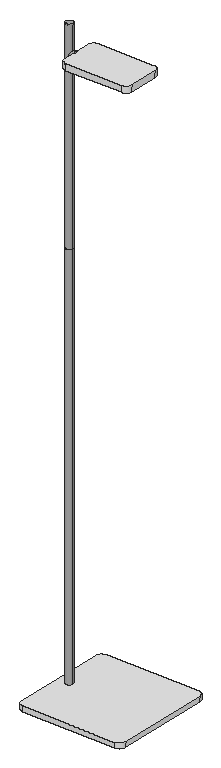
Revit family "Haworth_Talia_Light_BUILD Luqman", category Lighting Fixtures, Revit 2015
Parameters (values of type "Floor Light")
  Wattage Comments = "5.1W 120V 60Hz"  # constant formula
  Wattage = 6.86275 W
  Warranty = ""
  built-in parameter 1150110 = 1 (stored number, unit not read)
  Rod Void Offset = 29.80"  # constant formula
  URL - Product = ""
  URL = "http://www.haworth.com/our-brands/haworth-collection"
  built-in parameter 1114217 = 1 (stored number, unit not read)
  Tilt Angle = 90.00°
  built-in parameter 1150109 = 1 (stored number, unit not read)
  built-in parameter 1150134 = (empty or 0)
  built-in parameter 1150113 = 1 (stored number, unit not read)
  Size = "Verify Final Dim. w/ Haworth"  # constant formula
  Revision Number = "1"  # constant formula
  Post Finish [instance] = Haworth _ Metal _ Chrome
  Photometric Web File = "generic"
  built-in parameter 1150142 = (empty or 0)
  Model = ""
  built-in parameter 1150105 = 27.852 (stored number, unit not read)
  Lumens = 350 lm
  built-in parameter 1150115 = 1 (stored number, unit not read)
  built-in parameter 1150137 = (empty or 0)
  built-in parameter 1150139 = (empty or 0)
  built-in parameter 1150112 = 1 (stored number, unit not read)
  Lamp Shade Finish [instance] = Haworth _ Polymer _ White
  built-in parameter 1150114 = 1 (stored number, unit not read)
  built-in parameter 1150132 = 2
  built-in parameter 1150102 = (empty or 0)
  built-in parameter 1150107 = 3000 (stored number, unit not read)
  built-in parameter 1150138 = (empty or 0)
  built-in parameter 1150106 = 0.27852 (stored number, unit not read)
  Manufacturer = "Haworth"  # constant formula
  Glass Finish = Haworth _ Glass _ Frosted
  Floor Lamp = not(Desk Lamp)  # yes
  built-in parameter 1150129 = 12.00"  # constant formula
  Emit Shape Visible in Rendering = no
  built-in parameter 1150104 = 4.7381 (stored number, unit not read)
  Dimming Lamp Color Temperature Shift = <None>
  Desk Lamp = no
  Description = "Haworth - Talia - Floor Light"
  Color Filter = 16777215
  Base Thickness = if(Floor Lamp, 0.35", 0.70")  # 0.35"
  Base Offset [instance] = 0.00"
  Base Finish [instance] = Haworth _ Polymer _ White
  Emit from Circle Diameter = 12.00"
  Author = "Haworth (Alias)"  # constant formula
  built-in parameter 1150133 = 10 (stored number, unit not read)
  Assembly Code = "D5020200"
  Actual Width = if(Floor Lamp, 7.87", 3.89")  # 7.87"
  Actual Height = if(Floor Lamp, 45.00", 15.57")  # 45.00"
  Actual Depth = if(Floor Lamp, 7.87", 6.42")  # 7.87"
Types (2): name | Floor Lamp | Desk Lamp | Description | Base Thickness | Base Offset | Actual Width | Actual Height | Actual Depth
  Floor Light | yes | no | "Haworth - Talia - Floor Light" | 0.35" | 0.00" | 7.87" | 45.00" | 7.87"
  Table Light | no | yes | "Haworth - Talia - Table Light" | 0.70" | 29.00" | 3.89" | 15.57" | 6.42"
Reference planes (in)
  plane 1 "Center F/B": y = 8.82887
  plane 2 "Base": z = 0
  plane 3 "Center L/R": x = 1.15861
  plane 4 "Lamp Height": z = 45
  plane 5 "Base Middle": z = 0.35
  plane 6 "Middle Rod": z = 29.8
  plane 7 "Light Source": z = 42.72339
  plane 8 "Front": x = 5.09361
  plane 9 "Back": x = -2.77639
  plane 10 "Left": y = 4.89387
  plane 11 "Right": y = 12.76387
  plane 12 "Back Lamp": x = -1.44161
  plane 13 "Front Lamp": x = 3.63839
  plane 14 "Right Lamp": y = 10.37134
  plane 15 "Left Lamp": y = 7.2864
  plane 16: z = 43.20647
  plane 17 "Light Bottom": z = 42.77339
  plane 18: z = 43.11643
Forms (in)
  Extrusion 1, solid, material "Haworth _ Polymer _ White" <- "Base Finish"
    sketch origin (0, 0, 0) x (1, 0, 0) y (0, 1, 0)
      loop
        arc (-2.32639, 12.76387) -> (-2.64459, 12.63206) -> (-2.77639, 12.31387) r 0.45
        line (-2.77639, 12.31387) -> (-2.77639, 5.34387)
        arc (-2.77639, 5.34387) -> (-2.64459, 5.02567) -> (-2.32639, 4.89387) r 0.45
        line (-2.32639, 4.89387) -> (4.64361, 4.89387)
        arc (4.64361, 4.89387) -> (4.96181, 5.02567) -> (5.09361, 5.34387) r 0.45
        line (5.09361, 5.34387) -> (5.09361, 12.31387)
        arc (5.09361, 12.31387) -> (4.96181, 12.63206) -> (4.64361, 12.76387) r 0.45
        line (4.64361, 12.76387) -> (-2.32639, 12.76387)
    from 0 to 0.35
  Extrusion 2, solid, material "Haworth _ Polymer _ White" <- "Lamp Shade Finish"
    sketch origin (0, 0, 42.77339) x (-1, 0, 0) y (0, -1, 0)
      loop
        arc (0.99161, -10.37134) -> (1.30981, -10.23953) -> (1.44161, -9.92134) r 0.45
        line (1.44161, -9.92134) -> (1.44161, -7.7364)
        arc (1.44161, -7.7364) -> (1.30981, -7.4182) -> (0.99161, -7.2864) r 0.45
        line (0.99161, -7.2864) -> (-3.18839, -7.2864)
        arc (-3.18839, -7.2864) -> (-3.50659, -7.4182) -> (-3.63839, -7.7364) r 0.45
        line (-3.63839, -7.7364) -> (-3.63839, -9.92134)
        arc (-3.63839, -9.92134) -> (-3.50659, -10.23953) -> (-3.18839, -10.37134) r 0.45
        line (-3.18839, -10.37134) -> (0.99161, -10.37134)
    from 0 to 0.43307
  Extrusion 3, solid, material "Haworth _ Glass _ Frosted" <- "Glass Finish"
    sketch origin (0, 0, 42.77339) x (-1, 0, 0) y (0, -1, 0)
      loop
        arc (0.9933, -10.25134) -> (1.22545, -10.15518) -> (1.32161, -9.92303) r 0.32831
        line (1.32161, -9.92303) -> (1.32161, -7.7364)
        arc (1.32161, -7.7364) -> (1.22495, -7.50305) -> (0.99161, -7.4064) r 0.33
        line (0.99161, -7.4064) -> (-3.18839, -7.4064)
        arc (-3.18839, -7.4064) -> (-3.42174, -7.50305) -> (-3.51839, -7.7364) r 0.33
        line (-3.51839, -7.7364) -> (-3.51839, -9.92134)
        arc (-3.51839, -9.92134) -> (-3.42174, -10.15468) -> (-3.18839, -10.25134) r 0.33
        line (-3.18839, -10.25134) -> (0.9933, -10.25134)
    from 0 to 0.34304
  Extrusion 4, void
    sketch origin (0, 0, 42.77339) x (-1, 0, 0) y (0, -1, 0)
      loop
        arc (0.9933, -10.25134) -> (1.22545, -10.15518) -> (1.32161, -9.92303) r 0.32831
        line (1.32161, -9.92303) -> (1.32161, -7.7364)
        arc (1.32161, -7.7364) -> (1.22495, -7.50305) -> (0.99161, -7.4064) r 0.33
        line (0.99161, -7.4064) -> (-3.18839, -7.4064)
        arc (-3.18839, -7.4064) -> (-3.42174, -7.50305) -> (-3.51839, -7.7364) r 0.33
        line (-3.51839, -7.7364) -> (-3.51839, -9.92134)
        arc (-3.51839, -9.92134) -> (-3.42174, -10.15468) -> (-3.18839, -10.25134) r 0.33
        line (-3.18839, -10.25134) -> (0.9933, -10.25134)
    from 0 to 0.34304
  Extrusion 5, solid, material "Haworth _ Metal _ Chrome" <- "Post Finish"
    sketch origin (0, 0, 0) x (1, 0, 0) y (0, 1, 0)
      loop
        circle (-1.97521, 8.82887) r 0.25
    from 0.35 to 45
  Revolve 6, void
    sketch origin (0, 8.82887, 0) x (1, 0, 0) y (0, 0, 1)
      loop
        line (-1.75707, 29.79993) -> (-1.67521, 29.76024) -> (-1.67521, 29.83962) -> (-1.75707, 29.79993)
      axis (-1.97521, 29.76024) -> (-1.97521, 29.83962)
    angle from 0 to 360
  Sweep 7, solid, material "Haworth _ Metal _ Chrome" <- "Post Finish"
    path origin (0, 8.82887, 0) x (1, 0, 0) y (0, 0, 1)
      loop
        line (-1.89017, 43.20647) -> (-1.44161, 43.20647)
    profile origin (-1.66589, 8.82887, 43.20647) x (0, 0, 1) y (0, -1, 0)
      loop
        circle (-0.21654, 0) r 0.21654
Cuts and joins
  Extrusion 4 cuts Extrusion 2
  Revolve 6 cuts Extrusion 5
Lines and regions (in)
  Masking region 1
    outline origin (0, 0, 0) x (1, 0, 0) y (0, 1, 0)
      loop
        arc (-2.32639, 12.76387) -> (-2.64459, 12.63206) -> (-2.77639, 12.31387) r 0.45
        line (-2.77639, 12.31387) -> (-2.77639, 5.34387)
        arc (-2.77639, 5.34387) -> (-2.64459, 5.02567) -> (-2.32639, 4.89387) r 0.45
        line (-2.32639, 4.89387) -> (4.64361, 4.89387)
        arc (4.64361, 4.89387) -> (4.96181, 5.02567) -> (5.09361, 5.34387) r 0.45
        line (5.09361, 5.34387) -> (5.09361, 12.31387)
        arc (5.09361, 12.31387) -> (4.96181, 12.63206) -> (4.64361, 12.76387) r 0.45
        line (4.64361, 12.76387) -> (-2.32639, 12.76387)
  Masking region 2
    outline origin (0, 0, 0) x (1, 0, 0) y (0, 1, 0)
      loop
        arc (-0.99161, 10.37134) -> (-1.30981, 10.23953) -> (-1.44161, 9.92134) r 0.45
        line (-1.44161, 9.92134) -> (-1.44161, 9.0454) -> (-1.85027, 9.0454)
        arc (-1.85027, 9.0454) -> (-2.22521, 8.82887) -> (-1.85027, 8.61233) r 0.25
        line (-1.85027, 8.61233) -> (-1.44161, 8.61233) -> (-1.44161, 7.7364)
        arc (-1.44161, 7.7364) -> (-1.30981, 7.4182) -> (-0.99161, 7.2864) r 0.45
        line (-0.99161, 7.2864) -> (3.18839, 7.2864)
        arc (3.18839, 7.2864) -> (3.50659, 7.4182) -> (3.63839, 7.7364) r 0.45
        line (3.63839, 7.7364) -> (3.63839, 9.92134)
        arc (3.63839, 9.92134) -> (3.50659, 10.23953) -> (3.18839, 10.37134) r 0.45
        line (3.18839, 10.37134) -> (-0.99161, 10.37134)
Dimensions and locks (in)
  "Actual Height": plane 4 "Lamp Height" to plane 2 "Base"
  "Base Offset": plane 2 "Base" to level
  "Base Thickness": plane 5 "Base Middle" to plane 2 "Base"
  equal spacing: plane 11 "Right", plane 1 "Center F/B", plane 10 "Left"
  "Actual Width": plane 11 "Right" to plane 10 "Left"
  equal spacing: plane 9 "Back", plane 3 "Center L/R", plane 8 "Front"
  "Actual Depth": plane 9 "Back" to plane 8 "Front"
  locked: plane 13 "Front Lamp" to plane 12 "Back Lamp" at 5.08
  locked: plane 12 "Back Lamp" to plane 9 "Back" at 1.33478
  equal spacing: plane 15 "Left Lamp", plane 1 "Center F/B", plane 14 "Right Lamp"
  locked: plane 15 "Left Lamp" to plane 14 "Right Lamp" at 3.08494
  locked: Extrusion 3 sketch curve to plane 13 "Front Lamp" at 0.12
  locked: plane 12 "Back Lamp" to Extrusion 3 sketch curve at 0.12
  locked: Extrusion 3 sketch curve to plane 14 "Right Lamp" at 0.12
  locked: Extrusion 3 sketch curve to plane 15 "Left Lamp" at 0.12
  locked: Extrusion 4 sketch curve to plane 13 "Front Lamp" at 0.12
  locked: plane 12 "Back Lamp" to Extrusion 4 sketch curve at 0.12
  locked: Extrusion 4 sketch curve to plane 14 "Right Lamp" at 0.12
  locked: Extrusion 4 sketch curve to plane 15 "Left Lamp" at 0.12
  locked: plane 16 to plane 17 "Light Bottom" at 0.43307
  locked: plane 18 to plane 17 "Light Bottom" at 0.34304
  locked: plane 4 "Lamp Height" to plane 16 at 1.79353
  locked: plane 9 "Back" to Extrusion 5 sketch curve at 0.80118
  locked: plane 17 "Light Bottom" to plane 7 "Light Source" at 0.05
  "Rod Void Offset": plane 6 "Middle Rod" to plane 2 "Base"
  locked: Revolve 6 sketch curve to plane 9 "Back" at 0.80118
  locked: Revolve 6 sketch curve to plane 6 "Middle Rod" at 0.03962
  locked: plane 6 "Middle Rod" to Revolve 6 sketch curve at 0.03976
  locked: Revolve 6 sketch curve to Revolve 6 sketch curve at 0.3
  locked: Revolve 6 sketch curve to Revolve 6 sketch curve at 0.08185
  locked: plane 12 "Back Lamp" to Sweep 7 sketch curve at 0.44856
  locked: plane 16 to Sweep 7 sketch curve at 0.21654
  aligned and locked: plane 3 "Center L/R" to imposter light
  aligned and locked: imposter light to plane 1 "Center F/B"
  aligned and locked: imposter light to plane 7 "Light Source"
  aligned and locked: Extrusion 1 sketch curve to plane 8 "Front"
  aligned and locked: Extrusion 1 sketch curve to plane 11 "Right"
  aligned and locked: Extrusion 1 sketch curve to plane 9 "Back"
  aligned and locked: Extrusion 1 sketch curve to plane 10 "Left"
  aligned and locked: Extrusion 1 to plane 2 "Base"
  aligned and locked: Extrusion 1 to plane 5 "Base Middle"
  aligned and locked: Extrusion 2 sketch curve to plane 14 "Right Lamp"
  aligned and locked: Extrusion 2 sketch curve to plane 13 "Front Lamp"
  aligned and locked: Extrusion 2 sketch curve to plane 15 "Left Lamp"
  aligned and locked: plane 12 "Back Lamp" to Extrusion 2 sketch curve
  aligned and locked: plane 16 to Extrusion 2
  aligned and locked: Extrusion 2 to plane 17 "Light Bottom"
  aligned and locked: Extrusion 3 to plane 17 "Light Bottom"
  aligned and locked: plane 18 to Extrusion 4
  aligned and locked: Extrusion 4 to plane 17 "Light Bottom"
  aligned and locked: plane 18 to Extrusion 3
  aligned and locked: plane 1 "Center F/B" to Extrusion 5 sketch curve
  aligned and locked: plane 5 "Base Middle" to Extrusion 5
  aligned and locked: Extrusion 5 to plane 4 "Lamp Height"
  aligned and locked: plane 12 "Back Lamp" to Sweep 7 sketch curve
  aligned and locked: Sweep 7 sketch curve to plane 16
  aligned and locked: plane 1 "Center F/B" to Sweep 7 sketch curve
  aligned and locked: Masking region 1 sketch curve to plane 8 "Front"
  aligned and locked: Masking region 1 sketch curve to plane 11 "Right"
  aligned and locked: Masking region 1 sketch curve to plane 9 "Back"
  aligned and locked: Masking region 1 sketch curve to plane 10 "Left"
  aligned and locked: Masking region 2 sketch curve to plane 13 "Front Lamp"
  aligned and locked: Masking region 2 sketch curve to plane 14 "Right Lamp"
  aligned and locked: plane 12 "Back Lamp" to Masking region 2 sketch curve  (x2)
  aligned and locked: Masking region 2 sketch curve to plane 15 "Left Lamp"
Automatic sketch dimensions
  Extrusion 1 sketch curve to plane 9 "Back" = 0.45"
  Extrusion 1 sketch curve to Extrusion 1 sketch curve = 0.45"
  Extrusion 1 sketch curve to plane 8 "Front" = 0.45"  (x2)
  Extrusion 2 sketch curve to Extrusion 2 sketch curve = 0.45"
  Extrusion 2 sketch curve to plane 13 "Front Lamp" = 0.45"
  plane 12 "Back Lamp" to Extrusion 2 sketch curve = 0.45"  (x2)
  Extrusion 3 sketch curve to plane 13 "Front Lamp" = 0.45"
  Extrusion 3 sketch curve to Extrusion 3 sketch curve = 0.33"  (x2)
  Extrusion 3 sketch curve to Extrusion 3 sketch curve = 0.32831"
  Extrusion 4 sketch curve to plane 13 "Front Lamp" = 0.45"  (x2)
  plane 12 "Back Lamp" to Extrusion 4 sketch curve = 0.45"
  plane 12 "Back Lamp" to Extrusion 4 sketch curve = 0.44831"
  plane 6 "Middle Rod" to Revolve 6 sketch curve = 0.00007"
  plane 6 "Middle Rod" to Revolve 6 sketch curve = 0.25"
  Revolve 6 sketch curve to plane 6 "Middle Rod" = 0.20671"
  Masking region 1 sketch curve to plane 9 "Back" = 0.45"
  Masking region 1 sketch curve to Masking region 1 sketch curve = 0.45"
  Masking region 1 sketch curve to plane 8 "Front" = 0.45"  (x2)
  plane 1 "Center F/B" to Masking region 2 sketch curve = 0.00"
  Masking region 2 sketch curve to plane 12 "Back Lamp" = 0.5336"
  plane 12 "Back Lamp" to Masking region 2 sketch curve = 0.45"  (x2)
  Masking region 2 sketch curve to plane 13 "Front Lamp" = 0.45"
  Masking region 2 sketch curve to Masking region 2 sketch curve = 0.45"
  Masking region 2 sketch curve to Masking region 2 sketch curve = 0.12494"  (x2)
  plane 1 "Center F/B" to Masking region 2 sketch curve = 0.21654"
  radius of Extrusion 5 sketch curve = 0.25"
  radius of Sweep 7 sketch curve = 0.21654"
